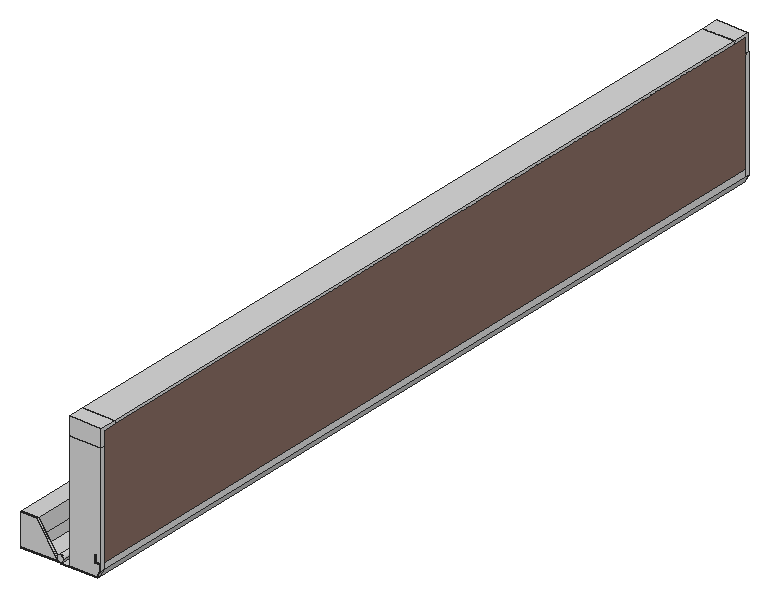
Revit family "MF_UNIVERSAL HINGED CORNER 10'_1904653", category Generic Models, Revit 2018
Family settings
  Can host rebar = No
  Round Connector Dimension = Use Diameter
  Part Type = Normal
  OmniClass Number = 35.51.14.00
  OmniClass Title = FORMWORK
  Work Plane-Based = Yes
  Always vertical = No
  Cut with Voids When Loaded = No
  Shared = Yes
  Room Calculation Point = No
Parameters
  VERSION = "20190101"  # constant formula
  URL = "www.ulmaconstruction.com/en"
  UNICLASS = ""
  ITEM_CODE = "1904653"
  Manufacturer = "ULMA CONSTRUCTION"  # constant formula
  FILTER [instance] = ""
  Default Elevation = 0.000 mm
  CLASSIFICATION_TITLE = ""
  CLASSIFICATION_NUMBER = ""
Reference planes
  plane 1 "Centro (Frontal/Posterior)": y = 0
  plane 2: z = 0
  plane 3 "Centro (Izquierda/Derecha)": x = 0
  plane 4: z = 508
  plane 5 "ITEM_HEIGHT": y = 3048
Forms (mm)
  Extrusion 1, solid, material "ULMA ZINC", detail levels fine
    sketch origin (0, 0, 0) x (1, 0, 0) y (0, 0, 1)
      loop
        circle (-152.4, 16.5) r 12.5
    from 0 to -3048
  Extrusion 2, solid, material "ULMA ZINC", detail levels fine
    sketch origin (0, 0, 0) x (1, 0, 0) y (0, 0, 1)
      loop
        line (-304.8, 4) -> (-304.8, 0) -> (-153.6, 0) -> (-153.6, 4) -> (-304.8, 4)
    from 0 to -3048
  Extrusion 3, solid, material "ULMA ZINC", detail levels fine
    sketch origin (0, 0, 0) x (1, 0, 0) y (0, 0, 1)
      loop
        line (-304.8, 4) -> (-162.8, 4) -> (-239.8, 121) -> (-304.8, 121) -> (-304.8, 4)
    from 0 to -8
  Extrusion 4, solid, material "ULMA ZINC", detail levels fine
    sketch origin (0, 3140, 0) x (1, 0, 0) y (0, 0, 1)
      loop
        line (-304.8, 4) -> (-162.8, 4) -> (-239.8, 121) -> (-304.8, 121) -> (-304.8, 4)
    from 100 to 92
  Extrusion 5, solid, material "ULMA ZINC", detail levels fine
    sketch origin (0, 0, 0) x (1, 0, 0) y (0, 0, 1)
      loop
        line (-304.8, 121) -> (-304.8, 4) -> (-252.3, 4) -> (-252.3, 50.694) -> (-239.8, 56) -> (-239.8, 121) -> (-304.8, 121)
    from -3040 to -8
  Extrusion 6, solid, material "ULMA ZINC", detail levels fine
    sketch origin (0, 0, 0) x (1, 0, 0) y (0, 0, 1)
      loop
        line (-239.8, 121) -> (-239.8, 4) -> (-164.8, 4) -> (-239.8, 121)
    from -611.6 to -607.6
  Extrusion 7, solid, material "ULMA ZINC", detail levels fine
    sketch origin (0, 590, 0) x (1, 0, 0) y (0, 0, 1)
      loop
        line (-239.8, 121) -> (-239.8, 4) -> (-164.8, 4) -> (-239.8, 121)
    from -631.2 to -627.2
  Extrusion 8, solid, material "ULMA ZINC", detail levels fine
    sketch origin (0, 1215, 0) x (1, 0, 0) y (0, 0, 1)
      loop
        line (-239.8, 121) -> (-239.8, 4) -> (-164.8, 4) -> (-239.8, 121)
    from -625.4 to -621.4
  Extrusion 9, solid, material "ULMA ZINC", detail levels fine
    sketch origin (0, 1815, 0) x (1, 0, 0) y (0, 0, 1)
      loop
        line (-239.8, 121) -> (-239.8, 4) -> (-164.8, 4) -> (-239.8, 121)
    from -630.2 to -626.2
  Extrusion 10, solid, material "ULMA ZINC", detail levels fine
    sketch origin (0, 0, 0) x (1, 0, 0) y (0, 0, 1)
      loop
        line (-239.8, 121) -> (-239.8, 4) -> (-177.8, 4) -> (-239.8, 121)
    from -334.8 to -274.8
  Extrusion 11, solid, material "ULMA ZINC", detail levels fine
    sketch origin (0, 550, 0) x (1, 0, 0) y (0, 0, 1)
      loop
        line (-239.8, 121) -> (-239.8, 4) -> (-177.8, 4) -> (-239.8, 121)
    from -394.4 to -334.4
  Extrusion 12, solid, material "ULMA ZINC", detail levels fine
    sketch origin (0, 1185, 0) x (1, 0, 0) y (0, 0, 1)
      loop
        line (-239.8, 121) -> (-239.8, 4) -> (-177.8, 4) -> (-239.8, 121)
    from -369 to -309
  Extrusion 13, solid, material "ULMA ZINC", detail levels fine
    sketch origin (0, 1810, 0) x (1, 0, 0) y (0, 0, 1)
      loop
        line (-239.8, 121) -> (-239.8, 4) -> (-177.8, 4) -> (-239.8, 121)
    from -353.6 to -293.6
  Extrusion 14, solid, material "ULMA ZINC", detail levels fine
    sketch origin (0, 2400, 0) x (1, 0, 0) y (0, 0, 1)
      loop
        line (-239.8, 121) -> (-239.8, 4) -> (-177.8, 4) -> (-239.8, 121)
    from -373.2 to -313.2
  Extrusion 15, solid, material "ULMA ZINC", detail levels fine
    sketch origin (0, 0, 0) x (0, 1, 0) y (0, 0, 1)
      loop
        circle (381, 77.2) r 19
      loop
        circle (838.2, 77.2) r 19
      loop
        circle (1295.4, 77.2) r 19
      loop
        circle (1752.6, 77.2) r 19
      loop
        circle (2209.8, 77.2) r 19
      loop
        circle (2667, 77.2) r 19
    from -239.8 to -231.8
  Extrusion 16, solid, material "ULMA ZINC", detail levels fine
    sketch origin (0, 0, 0) x (1, 0, 0) y (0, 0, 1)
      loop
        line (-20.001, 496.8) -> (0, 496.8) -> (0, 508) -> (-120, 508) -> (-120, 443) -> (-58.973, 443)
        arc (-58.973, 443) -> (-55.66, 443.998) -> (-53.448, 446.658) r 6.001
        line (-53.448, 446.658) -> (-50.344, 453.975)
        arc (-50.344, 453.975) -> (-49.421, 455.085) -> (-48.039, 455.501) r 2.504
        line (-48.039, 455.501) -> (-32.501, 455.501)
        arc (-32.501, 455.501) -> (-30.733, 454.769) -> (-30.001, 453.001) r 2.5
        line (-30.001, 453.001) -> (-30.001, 446.501)
        arc (-30.001, 446.501) -> (-28.976, 444.026) -> (-26.501, 443.001) r 3.5
        line (-26.501, 443.001) -> (-20.001, 443) -> (-20.001, 496.8)
    from -2983 to -65
  Extrusion 17, solid, material "ULMA ZINC", detail levels fine
    sketch origin (0, 0, 0) x (0, 1, 0) y (0, 0, 1)
      loop
        line (0, 508) -> (0, 443) -> (65, 443) -> (65, 508) -> (0, 508)
    from 0 to -120
  Extrusion 18, solid, material "ULMA ZINC", detail levels fine
    sketch origin (0, 0, 0) x (0, 1, 0) y (0, 0, 1)
      loop
        line (3048, 508.001) -> (2983, 508.001) -> (2983, 443.001) -> (3048, 443.001) -> (3048, 508.001)
    from -120 to 0
  Extrusion 19, solid, material "ULMA ZINC", detail levels fine
    sketch origin (0, 0, 0) x (1, 0, 0) y (0, 1, 0)
      loop
        line (-20.001, 11.2) -> (-20.001, 65) -> (-26.501, 64.999)
        arc (-26.501, 64.999) -> (-28.976, 63.974) -> (-30.001, 61.499) r 3.5
        line (-30.001, 61.499) -> (-30.001, 54.999)
        arc (-30.001, 54.999) -> (-30.733, 53.231) -> (-32.501, 52.499) r 2.5
        line (-32.501, 52.499) -> (-48.039, 52.499)
        arc (-48.039, 52.499) -> (-49.421, 52.915) -> (-50.344, 54.025) r 2.504
        line (-50.344, 54.025) -> (-53.448, 61.342)
        arc (-53.448, 61.342) -> (-55.66, 64.002) -> (-58.973, 65) r 6.001
        line (-58.973, 65) -> (-120, 65) -> (-120, 0) -> (0, 0) -> (0, 11.2) -> (-20.001, 11.2)
    from 4 to 443
  Extrusion 20, solid, material "ULMA ZINC", detail levels fine
    sketch origin (0, 0, 0) x (1, 0, 0) y (0, 1, 0)
      loop
        line (-20.001, 3036.8) -> (0, 3036.8) -> (0, 3048) -> (-120, 3048) -> (-120, 2983) -> (-58.973, 2983)
        arc (-58.973, 2983) -> (-55.66, 2983.998) -> (-53.448, 2986.658) r 6.001
        line (-53.448, 2986.658) -> (-50.344, 2993.975)
        arc (-50.344, 2993.975) -> (-49.421, 2995.085) -> (-48.039, 2995.501) r 2.504
        line (-48.039, 2995.501) -> (-32.501, 2995.501)
        arc (-32.501, 2995.501) -> (-30.733, 2994.769) -> (-30.001, 2993.001) r 2.5
        line (-30.001, 2993.001) -> (-30.001, 2986.501)
        arc (-30.001, 2986.501) -> (-28.976, 2984.026) -> (-26.501, 2983.001) r 3.5
        line (-26.501, 2983.001) -> (-20.001, 2983) -> (-20.001, 3036.8)
    from 4 to 443.001
  Extrusion 21, solid, material "ULMA ZINC", detail levels fine
    sketch origin (0, 0, 0) x (1, 0, 0) y (0, 0, 1)
      loop
        line (-24, 47.013) -> (-4, 47.013) -> (-4, 26.422) -> (-16.945, 4) -> (-151.2, 4) -> (-151.2, 0) -> (-14.636, 0) -> (0, 25.35) -> (0, 51.013) -> (-20.001, 51.013) -> (-20.001, 75.5) -> (-24, 75.5) -> (-24, 47.013)
    from 0 to -3048
  Extrusion 22, void
    sketch origin (0, 0, 0) x (1, 0, 0) y (0, 0, 1)
      loop
        line (0, 25.35) -> (-14.636, 0) -> (-14.636, -2) -> (2, -2) -> (2, 25.35) -> (0, 25.35)
    from -3050 to 5
  Extrusion 23, void
    sketch origin (0, 0, 0) x (0, 1, 0) y (0, 0, 1)
      loop
        line (11.2, 443) -> (65, 443) -> (65, 496.8) -> (11.2, 496.8) -> (11.2, 443)
    from 0 to -20.001
  Extrusion 24, void
    sketch origin (0, 0, 0) x (0, 1, 0) y (0, 0, 1)
      loop
        line (2983, 496.801) -> (2983, 443.001) -> (3036.8, 443.001) -> (3036.8, 496.801) -> (2983, 496.801)
    from 0 to -20.001
  Extrusion 25, solid, material "ULMA ZINC", detail levels fine
    sketch origin (0, 0, 0) x (1, 0, 0) y (0, 1, 0)
      loop
        line (-20.001, 2408.4) -> (-20.001, 2468.4) -> (-120, 2468.4) -> (-120, 2408.4) -> (-20.001, 2408.4)
    from 4 to 443
  Extrusion 26, solid, material "ULMA ZINC", detail levels fine
    sketch origin (0, -385, 0) x (1, 0, 0) y (0, 1, 0)
      loop
        line (-20.001, 2336.2) -> (-20.001, 2396.2) -> (-120, 2396.2) -> (-120, 2336.2) -> (-20.001, 2336.2)
    from 4 to 443
  Extrusion 27, solid, material "ULMA ZINC", detail levels fine
    sketch origin (0, -840, 0) x (1, 0, 0) y (0, 1, 0)
      loop
        line (-20.001, 2334) -> (-20.001, 2394) -> (-120, 2394) -> (-120, 2334) -> (-20.001, 2334)
    from 4 to 443
  Extrusion 28, solid, material "ULMA ZINC", detail levels fine
    sketch origin (0, -1445, 0) x (1, 0, 0) y (0, 1, 0)
      loop
        line (-20.001, 2481.8) -> (-20.001, 2541.8) -> (-120, 2541.8) -> (-120, 2481.8) -> (-20.001, 2481.8)
    from 4 to 443
  Extrusion 29, solid, material "ULMA ZINC", detail levels fine
    sketch origin (0, -2135, 0) x (1, 0, 0) y (0, 1, 0)
      loop
        line (-20.001, 2714.6) -> (-20.001, 2774.6) -> (-120, 2774.6) -> (-120, 2714.6) -> (-20.001, 2714.6)
    from 4 to 443
  Extrusion 30, solid, material "ULMA ZINC", detail levels fine
    sketch origin (0, 0, 0) x (1, 0, 0) y (0, 1, 0)
      loop
        line (-20.001, 351) -> (-20.001, 411) -> (-119.999, 411) -> (-119.999, 406) -> (-25, 406) -> (-25, 356) -> (-119.999, 356) -> (-119.999, 351) -> (-20.001, 351)
    from 4 to 443
  Extrusion 31, solid, material "ULMA ZINC", detail levels fine
    sketch origin (0, 457.2, 0) x (1, 0, 0) y (0, 1, 0)
      loop
        line (-20.001, 351) -> (-20.001, 411) -> (-119.999, 411) -> (-119.999, 406) -> (-25, 406) -> (-25, 356) -> (-119.999, 356) -> (-119.999, 351) -> (-20.001, 351)
    from 4 to 443
  Extrusion 32, solid, material "ULMA ZINC", detail levels fine
    sketch origin (0, 914.4, 0) x (1, 0, 0) y (0, 1, 0)
      loop
        line (-20.001, 351) -> (-20.001, 411) -> (-119.999, 411) -> (-119.999, 406) -> (-25, 406) -> (-25, 356) -> (-119.999, 356) -> (-119.999, 351) -> (-20.001, 351)
    from 4 to 443
  Extrusion 33, solid, material "ULMA ZINC", detail levels fine
    sketch origin (0, 1371.6, 0) x (1, 0, 0) y (0, 1, 0)
      loop
        line (-20.001, 351) -> (-20.001, 411) -> (-119.999, 411) -> (-119.999, 406) -> (-25, 406) -> (-25, 356) -> (-119.999, 356) -> (-119.999, 351) -> (-20.001, 351)
    from 4 to 443
  Extrusion 34, solid, material "ULMA ZINC", detail levels fine
    sketch origin (0, 1828.8, 0) x (1, 0, 0) y (0, 1, 0)
      loop
        line (-20.001, 351) -> (-20.001, 411) -> (-119.999, 411) -> (-119.999, 406) -> (-25, 406) -> (-25, 356) -> (-119.999, 356) -> (-119.999, 351) -> (-20.001, 351)
    from 4 to 443
  Extrusion 35, solid, material "ULMA ZINC", detail levels fine
    sketch origin (0, 2286, 0) x (1, 0, 0) y (0, 1, 0)
      loop
        line (-20.001, 351) -> (-20.001, 411) -> (-119.999, 411) -> (-119.999, 406) -> (-25, 406) -> (-25, 356) -> (-119.999, 356) -> (-119.999, 351) -> (-20.001, 351)
    from 4 to 443
  Extrusion 36, solid, material "ULMA PLYWOOD", detail levels fine
    sketch origin (0, 0, 0) x (1, 0, 0) y (0, 0, 1)
      loop
        line (-20.001, 496.801) -> (-20.001, 51.013) -> (0, 51.013) -> (0, 496.801) -> (-20.001, 496.801)
    from -3036.8 to -11.2
  Extrusion 37, solid, material "ULMA ZINC", detail levels fine
    sketch origin (0, 0, 0) x (1, 0, 0) y (0, 1, 0)
      loop
        circle (-77.199, 381) r 19
      loop
        circle (-77.199, 838.2) r 19
      loop
        circle (-77.199, 1295.4) r 19
      loop
        circle (-77.199, 1752.6) r 19
      loop
        circle (-77.199, 2209.8) r 19
      loop
        circle (-77.199, 2667) r 19
    from 435.001 to 443
  Extrusion 38, solid, material "ULMA ZINC", detail levels fine
    sketch origin (0, 0, 0) x (1, 0, 0) y (0, 0, 1)
      loop
        circle (-77.199, 254) r 19
    from -72.999 to -65
  Extrusion 39, solid, material "ULMA ZINC", detail levels fine
    sketch origin (0, 480, 0) x (1, 0, 0) y (0, 0, 1)
      loop
        circle (-77.199, 254) r 19
    from -2495.001 to -2503
  Extrusion 40, solid, material "ULMA ZINC", detail levels coarse+medium
    sketch origin (0, 0, 0) x (1, 0, 0) y (0, 0, 1)
      loop
        line (-304.8, 121) -> (-304.8, 0) -> (-14.636, 0) -> (0, 25.35) -> (0, 508) -> (-120, 508) -> (-120, 4) -> (-162.8, 4) -> (-239.8, 121) -> (-304.8, 121)
    from -3048 to 0
Cuts and joins
  Extrusion 22 cuts Extrusion 19
  Extrusion 22 cuts Extrusion 20
  Extrusion 23 cuts Extrusion 17
  Extrusion 24 cuts Extrusion 18
Lines and regions (mm)
  model lines, style "ULMA PANELS", detail levels fine
    curve 1: circle (-231.8, 381, 77.2) r 11 normal (1, 0, 0)
    curve 2: circle (-231.8, 838.2, 77.2) r 11 normal (1, 0, 0)
    curve 3: circle (-231.8, 1295.4, 77.2) r 11 normal (1, 0, 0)
    curve 4: circle (-231.8, 1752.6, 77.2) r 11 normal (1, 0, 0)
    curve 5: circle (-231.8, 2209.8, 77.2) r 11 normal (1, 0, 0)
    curve 6: circle (-231.8, 2667, 77.2) r 11 normal (1, 0, 0)
    curve 7: circle (-304.8, 381, 77.2) r 11 normal (1, 0, 0)
    curve 8: circle (-304.8, 838.2, 77.2) r 11 normal (1, 0, 0)
    curve 9: circle (-304.8, 1295.4, 77.2) r 11 normal (1, 0, 0)
    curve 10: circle (-304.8, 1752.6, 77.2) r 11 normal (1, 0, 0)
    curve 11: circle (-304.8, 2209.8, 77.2) r 11 normal (1, 0, 0)
    curve 12: circle (-304.8, 2667, 77.2) r 11 normal (1, 0, 0)
    curve 13: circle (-272.3, 561, 121) r 21 normal (0, 0, 1)
    curve 14: line (-293.3, 572.5, 121) -> (-293.3, 549.5, 121)
    curve 15: arc (-293.3, 549.5, 121) -> (-287.149, 534.651, 121) -> (-272.3, 528.5, 121) r 21
    curve 16: arc (-272.3, 528.5, 121) -> (-257.451, 534.651, 121) -> (-251.3, 549.5, 121) r 21
    curve 17: line (-251.3, 549.5, 121) -> (-251.3, 572.5, 121)
    curve 18: arc (-251.3, 572.5, 121) -> (-257.451, 587.349, 121) -> (-272.3, 593.5, 121) r 21
    curve 19: arc (-272.3, 593.5, 121) -> (-287.149, 587.349, 121) -> (-293.3, 572.5, 121) r 21
    curve 20: circle (-272.3, 1154.6, 121) r 21 normal (0, 0, 1)
    curve 21: line (-293.3, 1166.1, 121) -> (-293.3, 1143.1, 121)
    curve 22: arc (-293.3, 1143.1, 121) -> (-287.149, 1128.251, 121) -> (-272.3, 1122.1, 121) r 21
    curve 23: arc (-272.3, 1122.1, 121) -> (-257.451, 1128.251, 121) -> (-251.3, 1143.1, 121) r 21
    curve 24: line (-251.3, 1143.1, 121) -> (-251.3, 1166.1, 121)
    curve 25: arc (-251.3, 1166.1, 121) -> (-257.451, 1180.949, 121) -> (-272.3, 1187.1, 121) r 21
    curve 26: arc (-272.3, 1187.1, 121) -> (-287.149, 1180.949, 121) -> (-293.3, 1166.1, 121) r 21
    curve 27: circle (-272.3, 1893.4, 121) r 21 normal (0, 0, 1)
    curve 28: line (-293.3, 1904.9, 121) -> (-293.3, 1881.9, 121)
    curve 29: arc (-293.3, 1881.9, 121) -> (-287.149, 1867.051, 121) -> (-272.3, 1860.9, 121) r 21
    curve 30: arc (-272.3, 1860.9, 121) -> (-257.451, 1867.051, 121) -> (-251.3, 1881.9, 121) r 21
    curve 31: line (-251.3, 1881.9, 121) -> (-251.3, 1904.9, 121)
    curve 32: arc (-251.3, 1904.9, 121) -> (-257.451, 1919.749, 121) -> (-272.3, 1925.9, 121) r 21
    curve 33: arc (-272.3, 1925.9, 121) -> (-287.149, 1919.749, 121) -> (-293.3, 1904.9, 121) r 21
    curve 34: circle (-272.3, 2487, 121) r 21 normal (0, 0, 1)
    curve 35: line (-293.3, 2498.5, 121) -> (-293.3, 2475.5, 121)
    curve 36: arc (-293.3, 2475.5, 121) -> (-287.149, 2460.651, 121) -> (-272.3, 2454.5, 121) r 21
    curve 37: arc (-272.3, 2454.5, 121) -> (-257.451, 2460.651, 121) -> (-251.3, 2475.5, 121) r 21
    curve 38: line (-251.3, 2475.5, 121) -> (-251.3, 2498.5, 121)
    curve 39: arc (-251.3, 2498.5, 121) -> (-257.451, 2513.349, 121) -> (-272.3, 2519.5, 121) r 21
    curve 40: arc (-272.3, 2519.5, 121) -> (-287.149, 2513.349, 121) -> (-293.3, 2498.5, 121) r 21
    curve 41: circle (-272.3, 561, 0) r 21 normal (0, 0, 1)
    curve 42: circle (-272.3, 1154.6, 0) r 21 normal (0, 0, 1)
    curve 43: circle (-272.3, 1893.4, 0) r 21 normal (0, 0, 1)
    curve 44: circle (-272.3, 2487, 0) r 21 normal (0, 0, 1)
    curve 45: circle (0, 381, 381) r 10.5 normal (1, 0, 0)
    curve 46: circle (0, 381, 330.2) r 10.5 normal (1, 0, 0)
    curve 47: circle (0, 381, 279.4) r 10.5 normal (1, 0, 0)
    curve 48: circle (0, 381, 228.6) r 10.5 normal (1, 0, 0)
    curve 49: circle (0, 381, 177.8) r 10.5 normal (1, 0, 0)
    curve 50: circle (0, 381, 127) r 10.5 normal (1, 0, 0)
    curve 51: circle (-25, 381, 381) r 10.5 normal (1, 0, 0)
    curve 52: circle (-25, 381, 330.2) r 10.5 normal (1, 0, 0)
    curve 53: circle (-25, 381, 279.4) r 10.5 normal (1, 0, 0)
    curve 54: circle (-25, 381, 228.6) r 10.5 normal (1, 0, 0)
    curve 55: circle (-25, 381, 177.8) r 10.5 normal (1, 0, 0)
    curve 56: circle (-25, 381, 127) r 10.5 normal (1, 0, 0)
    curve 57: circle (0, 838.2, 381) r 10.5 normal (1, 0, 0)
    curve 58: circle (0, 838.2, 330.2) r 10.5 normal (1, 0, 0)
    curve 59: circle (0, 838.2, 279.4) r 10.5 normal (1, 0, 0)
    curve 60: circle (0, 838.2, 228.6) r 10.5 normal (1, 0, 0)
    curve 61: circle (0, 838.2, 177.8) r 10.5 normal (1, 0, 0)
    curve 62: circle (0, 838.2, 127) r 10.5 normal (1, 0, 0)
    curve 63: circle (-25, 838.2, 381) r 10.5 normal (1, 0, 0)
    curve 64: circle (-25, 838.2, 330.2) r 10.5 normal (1, 0, 0)
    curve 65: circle (-25, 838.2, 279.4) r 10.5 normal (1, 0, 0)
    curve 66: circle (-25, 838.2, 228.6) r 10.5 normal (1, 0, 0)
    curve 67: circle (-25, 838.2, 177.8) r 10.5 normal (1, 0, 0)
    curve 68: circle (-25, 838.2, 127) r 10.5 normal (1, 0, 0)
    curve 69: circle (0, 1295.4, 381) r 10.5 normal (1, 0, 0)
    curve 70: circle (0, 1295.4, 330.2) r 10.5 normal (1, 0, 0)
    curve 71: circle (0, 1295.4, 279.4) r 10.5 normal (1, 0, 0)
    curve 72: circle (0, 1295.4, 228.6) r 10.5 normal (1, 0, 0)
    curve 73: circle (0, 1295.4, 177.8) r 10.5 normal (1, 0, 0)
    curve 74: circle (0, 1295.4, 127) r 10.5 normal (1, 0, 0)
    curve 75: circle (-25, 1295.4, 381) r 10.5 normal (1, 0, 0)
    curve 76: circle (-25, 1295.4, 330.2) r 10.5 normal (1, 0, 0)
    curve 77: circle (-25, 1295.4, 279.4) r 10.5 normal (1, 0, 0)
    curve 78: circle (-25, 1295.4, 228.6) r 10.5 normal (1, 0, 0)
    curve 79: circle (-25, 1295.4, 177.8) r 10.5 normal (1, 0, 0)
    curve 80: circle (-25, 1295.4, 127) r 10.5 normal (1, 0, 0)
    curve 81: circle (0, 1752.6, 381) r 10.5 normal (1, 0, 0)
    curve 82: circle (0, 1752.6, 330.2) r 10.5 normal (1, 0, 0)
    curve 83: circle (0, 1752.6, 279.4) r 10.5 normal (1, 0, 0)
    curve 84: circle (0, 1752.6, 228.6) r 10.5 normal (1, 0, 0)
    curve 85: circle (0, 1752.6, 177.8) r 10.5 normal (1, 0, 0)
    curve 86: circle (0, 1752.6, 127) r 10.5 normal (1, 0, 0)
    curve 87: circle (-25, 1752.6, 381) r 10.5 normal (1, 0, 0)
    curve 88: circle (-25, 1752.6, 330.2) r 10.5 normal (1, 0, 0)
    curve 89: circle (-25, 1752.6, 279.4) r 10.5 normal (1, 0, 0)
    curve 90: circle (-25, 1752.6, 228.6) r 10.5 normal (1, 0, 0)
    curve 91: circle (-25, 1752.6, 177.8) r 10.5 normal (1, 0, 0)
    curve 92: circle (-25, 1752.6, 127) r 10.5 normal (1, 0, 0)
    curve 93: circle (0, 2209.8, 381) r 10.5 normal (1, 0, 0)
    curve 94: circle (0, 2209.8, 330.2) r 10.5 normal (1, 0, 0)
    curve 95: circle (0, 2209.8, 279.4) r 10.5 normal (1, 0, 0)
    curve 96: circle (0, 2209.8, 228.6) r 10.5 normal (1, 0, 0)
    curve 97: circle (0, 2209.8, 177.8) r 10.5 normal (1, 0, 0)
    curve 98: circle (0, 2209.8, 127) r 10.5 normal (1, 0, 0)
    curve 99: circle (-25, 2209.8, 381) r 10.5 normal (1, 0, 0)
    curve 100: circle (-25, 2209.8, 330.2) r 10.5 normal (1, 0, 0)
    curve 101: circle (-25, 2209.8, 279.4) r 10.5 normal (1, 0, 0)
    curve 102: circle (-25, 2209.8, 228.6) r 10.5 normal (1, 0, 0)
    curve 103: circle (-25, 2209.8, 177.8) r 10.5 normal (1, 0, 0)
    curve 104: circle (-25, 2209.8, 127) r 10.5 normal (1, 0, 0)
    curve 105: circle (0, 2667, 381) r 10.5 normal (1, 0, 0)
    curve 106: circle (0, 2667, 330.2) r 10.5 normal (1, 0, 0)
    curve 107: circle (0, 2667, 279.4) r 10.5 normal (1, 0, 0)
    curve 108: circle (0, 2667, 228.6) r 10.5 normal (1, 0, 0)
    curve 109: circle (0, 2667, 177.8) r 10.5 normal (1, 0, 0)
    curve 110: circle (0, 2667, 127) r 10.5 normal (1, 0, 0)
    curve 111: circle (-25, 2667, 381) r 10.5 normal (1, 0, 0)
    curve 112: circle (-25, 2667, 330.2) r 10.5 normal (1, 0, 0)
    curve 113: circle (-25, 2667, 279.4) r 10.5 normal (1, 0, 0)
    curve 114: circle (-25, 2667, 228.6) r 10.5 normal (1, 0, 0)
    curve 115: circle (-25, 2667, 177.8) r 10.5 normal (1, 0, 0)
    curve 116: circle (-25, 2667, 127) r 10.5 normal (1, 0, 0)
    curve 117: circle (-120, 561, 475.5) r 21 normal (1, 0, 0)
    curve 118: line (-120, 572.5, 496.5) -> (-120, 549.5, 496.5)
    curve 119: arc (-120, 549.5, 496.5) -> (-120, 528.5, 475.5) -> (-120, 549.5, 454.5) r 21
    curve 120: line (-120, 549.5, 454.5) -> (-120, 572.5, 454.5)
    curve 121: arc (-120, 572.5, 454.5) -> (-120, 593.5, 475.5) -> (-120, 572.5, 496.5) r 21
    curve 122: circle (-120, 1154.6, 475.5) r 21 normal (1, 0, 0)
    curve 123: line (-120, 1166.1, 496.5) -> (-120, 1143.1, 496.5)
    curve 124: arc (-120, 1143.1, 496.5) -> (-120, 1122.1, 475.5) -> (-120, 1143.1, 454.5) r 21
    curve 125: line (-120, 1143.1, 454.5) -> (-120, 1166.1, 454.5)
    curve 126: arc (-120, 1166.1, 454.5) -> (-120, 1187.1, 475.5) -> (-120, 1166.1, 496.5) r 21
    curve 127: circle (-120, 1893.4, 475.5) r 21 normal (1, 0, 0)
    curve 128: line (-120, 1904.9, 496.5) -> (-120, 1881.9, 496.5)
    curve 129: arc (-120, 1881.9, 496.5) -> (-120, 1860.9, 475.5) -> (-120, 1881.9, 454.5) r 21
    curve 130: line (-120, 1881.9, 454.5) -> (-120, 1904.9, 454.5)
    curve 131: arc (-120, 1904.9, 454.5) -> (-120, 1925.9, 475.5) -> (-120, 1904.9, 496.5) r 21
    curve 132: circle (-120, 2487, 475.5) r 21 normal (1, 0, 0)
    curve 133: line (-120, 2498.5, 496.5) -> (-120, 2475.5, 496.5)
    curve 134: arc (-120, 2475.5, 496.5) -> (-120, 2454.5, 475.5) -> (-120, 2475.5, 454.5) r 21
    curve 135: line (-120, 2475.5, 454.5) -> (-120, 2498.5, 454.5)
    curve 136: arc (-120, 2498.5, 454.5) -> (-120, 2519.5, 475.5) -> (-120, 2498.5, 496.5) r 21
    curve 137: circle (0, 561, 475.5) r 21 normal (1, 0, 0)
    curve 138: circle (0, 1154.6, 475.5) r 21 normal (1, 0, 0)
    curve 139: circle (0, 1893.4, 475.5) r 21 normal (1, 0, 0)
    curve 140: circle (0, 2487, 475.5) r 21 normal (1, 0, 0)
    curve 141: circle (-77.199, 2667, 435.001) r 11 normal (0, 0, 1)
    curve 142: circle (-77.199, 2209.8, 435.001) r 11 normal (0, 0, 1)
    curve 143: circle (-77.199, 1752.6, 435.001) r 11 normal (0, 0, 1)
    curve 144: circle (-77.199, 1295.4, 435.001) r 11 normal (0, 0, 1)
    curve 145: circle (-77.199, 838.2, 435.001) r 11 normal (0, 0, 1)
    curve 146: circle (-77.199, 381, 435.001) r 11 normal (0, 0, 1)
    curve 147: circle (-77.199, 2667, 508) r 11 normal (0, 0, 1)
    curve 148: circle (-77.199, 2209.8, 508) r 11 normal (0, 0, 1)
    curve 149: circle (-77.199, 1752.6, 508) r 11 normal (0, 0, 1)
    curve 150: circle (-77.199, 1295.4, 508) r 11 normal (0, 0, 1)
    curve 151: circle (-77.199, 838.2, 508) r 11 normal (0, 0, 1)
    curve 152: circle (-77.199, 381, 508) r 11 normal (0, 0, 1)
    curve 153: circle (-77.199, 0, 254) r 11 normal (0, -1, 0)
    curve 154: circle (-77.199, 72.999, 254) r 11 normal (0, -1, 0)
    curve 155: circle (-77.199, 3048, 254) r 11 normal (0, -1, 0)
    curve 156: circle (-77.199, 2975.001, 254) r 11 normal (0, -1, 0)
    curve 157: circle (-80, 579.6, 356.101) r 10.25 normal (0, -1, 0)
    curve 158: circle (-80, 1036.8, 356.101) r 10.25 normal (0, -1, 0)
    curve 159: circle (-80, 1494, 356.101) r 10.25 normal (0, -1, 0)
    curve 160: circle (-80, 1951.2, 356.101) r 10.25 normal (0, -1, 0)
    curve 161: circle (-80, 2408.4, 356.101) r 10.25 normal (0, -1, 0)
    curve 162: circle (-80, 639.6, 356.101) r 10.25 normal (0, -1, 0)
    curve 163: circle (-80, 1096.8, 356.101) r 10.25 normal (0, -1, 0)
    curve 164: circle (-80, 1554, 356.101) r 10.25 normal (0, -1, 0)
    curve 165: circle (-80, 2011.2, 356.101) r 10.25 normal (0, -1, 0)
    curve 166: circle (-80, 2468.4, 356.101) r 10.25 normal (0, -1, 0)
Dimensions and locks
  aligned and locked: level to plane 2
  aligned and locked: Extrusion 16 to Extrusion 17
  aligned and locked: Extrusion 16 to Extrusion 18
  aligned and locked: Extrusion 20 to Extrusion 18
  aligned and locked: Extrusion 29 to Extrusion 16
  aligned and locked: Extrusion 28 to Extrusion 16
  aligned and locked: Extrusion 27 to Extrusion 16
  aligned and locked: Extrusion 26 to Extrusion 16
  aligned and locked: Extrusion 25 to Extrusion 16
  aligned and locked: Extrusion 28 to Extrusion 21
  aligned and locked: cut or joined group of Extrusion 19, Extrusion 22 to Extrusion 21
  aligned and locked: Extrusion 29 to Extrusion 21
  aligned and locked: Extrusion 26 to Extrusion 21
  aligned and locked: Extrusion 25 to Extrusion 21
  aligned and locked: Extrusion 27 to Extrusion 21
  aligned and locked: Extrusion 30 to Extrusion 2
  aligned and locked: Extrusion 30 to Extrusion 16
  aligned and locked: Extrusion 31 to Extrusion 16
  aligned and locked: Extrusion 32 to Extrusion 16
  aligned and locked: Extrusion 33 to Extrusion 16
  aligned and locked: Extrusion 34 to Extrusion 16
  aligned and locked: Extrusion 35 to Extrusion 16
  aligned and locked: Extrusion 31 to Extrusion 2
  aligned and locked: Extrusion 32 to Extrusion 2
  aligned and locked: Extrusion 33 to Extrusion 2
  aligned and locked: Extrusion 34 to Extrusion 2
  aligned and locked: Extrusion 35 to Extrusion 2
  aligned and locked: Extrusion 36 to cut or joined group of Extrusion 19, Extrusion 22
  aligned and locked: Extrusion 36 to cut or joined group of Extrusion 20, Extrusion 22
  aligned and locked: Extrusion 37 to Extrusion 32
  aligned and locked: plane 1 "Centro (Frontal/Posterior)" to Extrusion 40
